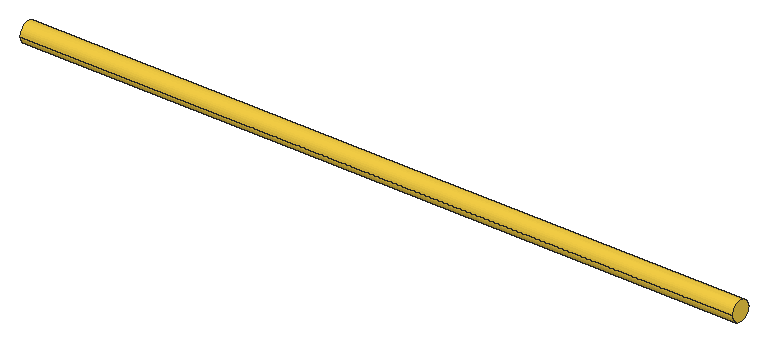
Revit family "TUBE 42-1,55_2033700", category Generic Models, Revit 2018
Family settings
  Can host rebar = No
  Round Connector Dimension = Use Diameter
  Part Type = Normal
  OmniClass Number = 35.51.14.00
  OmniClass Title = FORMWORK
  Work Plane-Based = Yes
  Always vertical = No
  Cut with Voids When Loaded = No
  Shared = Yes
  Room Calculation Point = No
Parameters
  VERSION = "20190101"  # constant formula
  URL = "www.ulmaconstruction.com/en"
  UNICLASS = ""
  ITEM_CODE = "2033700"
  Manufacturer = "ULMA CONSTRUCTION"  # constant formula
  FILTER [instance] = ""
  Default Elevation = 0.000 mm
  CLASSIFICATION_TITLE = ""
  CLASSIFICATION_NUMBER = ""
Reference planes
  plane 1 "Centro (Frontal/Posterior)": y = 0
  plane 2: z = 0
  plane 3 "Centro (Izquierda/Derecha)": x = 0
  plane 4 "ITEM_LENGTH": x = 1550
Forms (mm)
  Extrusion 1, solid, material "ULMA YELLOW"
    sketch origin (0, 0, 0) x (0, 1, 0) y (0, 0, 1)
      loop
        circle (0, 0) r 21
    from 0 to 1550
Lines and regions (mm)
  model lines, style "ULMA FIXING ITEMS", detail levels fine
    curve 1: circle (1550, 0, 0) r 19 normal (1, 0, 0)
    curve 2: circle (0, 0, 0) r 19 normal (1, 0, 0)
Dimensions and locks
  locked: plane 3 "Centro (Izquierda/Derecha)" to plane 4 "ITEM_LENGTH" at 1550
  aligned and locked: level to plane 2
  aligned and locked: plane 4 "ITEM_LENGTH" to Extrusion 1
